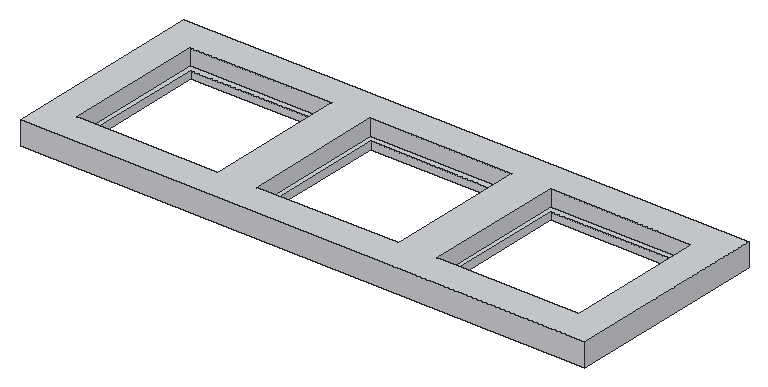
Revit family "Gira_021325", category Electrical Fixtures, host Face, Revit 2017
Family settings
  Host = Face
  Maintain Annotation Orientation = No
  Round Connector Dimension = Use Diameter
  Part Type = Normal
  Cut with Voids When Loaded = No
  Shared = No
  Room Calculation Point = No
Parameters (values of type "Cov.fr. 3-g Gira E2 c.alum.")
  With mounting grid = "No"
  With hinged lid = "No"
  URL = "http://katalog.gira.de/en/datenblatt.html?artikelnr=021325"
  Type of fastening = "Clamp mounting"
  Transparent = "No"
  Surface protection = "Other"
  Suitable for wall duct = "No"
  Suitable for flush-mounted installation = "Yes"
  Suitable for floor box = "No"
  Suitable for built-in installation = "No"
  Number of units vertical = "3"
  Number of units horizontal = "3"
  Number of units = "3"
  Name = "Cov.fr. 3-g Gira E2 c.alum."
  Mounting direction = "Horizontal and vertical"
  Material quality = "Thermoplastic"
  Material = "Plastic"
  Manufacturer URL = "https://www.gira.de/"
  Manufacturer = "Gira"
  Label space/information surface = "No"
  Keynote = ""
  HeinzeBIM = "https://bimportal.heinze.de/bim/cov-fr-3-g-gira-e2-c-alum-/c94e6263ecb8ac58c0c2d712729784fbd968aaea"
  Halogen free = "Yes"
  HAN = "021325"
  GTIN = "4010337213253"
  Description = "Cov.fr.3g E2 CAl,Gira E2 cover frame,colour aluminium,3-gang,Features:,- Shatter-proof.,,Notes :,- Also suitable for duct installation.,- In connection with the seal kit, frame (1-gang to 5-gang) is also suitable for installation as water-protected flush-mounted IP44."
  Degree of protection (IP) = "IP20"
  Default Elevation = 1219.2 mm
  Data sheet (1) = "https://katalog.gira.de/en/download.html?artikelnr=021325"
  Colour = "Aluminium"
  Category = "Cover frame for domestic switching devices"
  BIM (1) = "https://media.stage.bim.site/public/gira/36a6b08/E2_Rahmen_3fach.rfa"
  Available = "No"
Reference planes
  plane 1 "Center (Front/Back)": y = 0
  plane 2: z = 0
  plane 3 "Center (Left/Right)": x = 0
Forms (mm)
  Extrusion 1, solid, detail levels fine
    sketch origin (0, 0, 0) x (1, 0, 0) y (0, 1, 0)
      loop
        line (111.7, 40.4) -> (-111.7, 40.4) -> (-111.7, -40.4) -> (111.7, -40.4) -> (111.7, 40.4)
      loop
        line (43.248, 28.052) -> (43.248, -28.052) -> (99.352, -28.052) -> (99.352, 28.052) -> (43.248, 28.052)
      loop
        line (-28.052, 28.052) -> (-28.052, -28.052) -> (28.052, -28.052) -> (28.052, 28.052) -> (-28.052, 28.052)
      loop
        line (-99.352, 28.052) -> (-99.352, -28.052) -> (-43.248, -28.052) -> (-43.248, 28.052) -> (-99.352, 28.052)
    from 0 to 9.3
  Extrusion 2, solid, detail levels fine
    sketch origin (-71.2, 0, 0) x (1, 0, 0) y (0, 1, 0)
      loop
        line (-28.152, -28.152) -> (28.152, -28.152) -> (28.152, 28.152) -> (-28.152, 28.152) -> (-28.152, -28.152)
      loop
        line (25.9, -25.7) -> (25.9, 25.7) -> (-25.9, 25.7) -> (-25.9, -25.7) -> (25.9, -25.7)
    from 0 to 3
  Extrusion 3, solid, detail levels coarse+medium
    sketch origin (0, 0, 0) x (1, 0, 0) y (0, 1, 0)
      loop
        line (111.7, 40.4) -> (-111.7, 40.4) -> (-111.7, -40.4) -> (111.7, -40.4) -> (111.7, 40.4)
    from 0 to 9.3
  Extrusion 4, solid, detail levels fine
    sketch origin (0.1, -0.047, 0) x (1, 0, 0) y (0, 1, 0)
      loop
        line (-28.152, -28.106) -> (28.152, -28.106) -> (28.152, 28.199) -> (-28.152, 28.199) -> (-28.152, -28.106)
      loop
        line (25.9, -25.653) -> (25.9, 25.747) -> (-25.9, 25.747) -> (-25.9, -25.653) -> (25.9, -25.653)
    from 0 to 3
  Extrusion 5, solid, detail levels fine
    sketch origin (71.2, -0.047, 0) x (1, 0, 0) y (0, 1, 0)
      loop
        line (-27.952, -28.006) -> (28.152, -28.006) -> (28.152, 28.099) -> (-27.952, 28.099) -> (-27.952, -28.006)
      loop
        line (26, -25.653) -> (26, 25.747) -> (-25.9, 25.747) -> (-25.9, -25.653) -> (26, -25.653)
    from 0 to 3
Dimensions and locks
  aligned and locked: plane 2 to host face
  aligned and locked: level to host face
